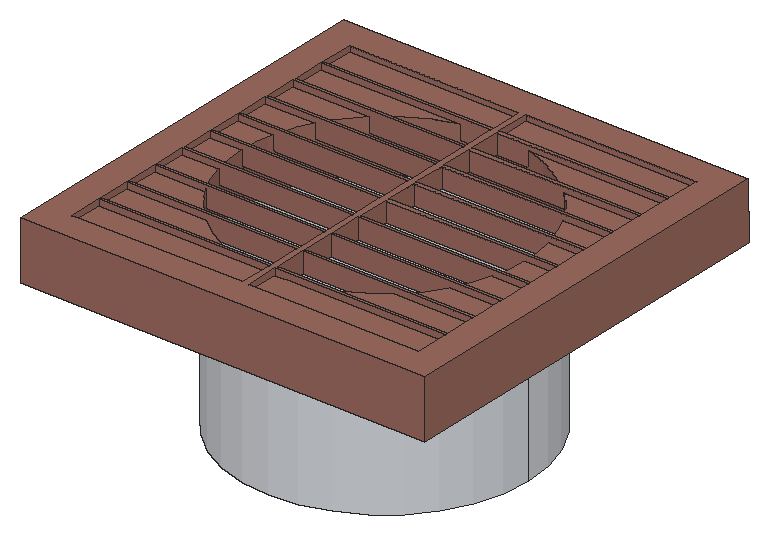
Revit family "9021012", category Air Terminals, host Face, Revit 2023
Family settings
  Host = Face
  Round Connector Dimension = Use Diameter
  Part Type = Normal
  Cut with Voids When Loaded = No
  Shared = No
  Room Calculation Point = No
Parameters (values of type "154 x 154 x 100mm Dia - Black With F/S")
  WorkExecutionLevel = "N/A"
  WeeklyMaintenance = "N/A"
  WarrantyStartDate [instance] = "N/A"
  WarrantyPeriod = "2"
  WarrantyIdentifier = "N/A"
  WarrantyGuarantorParts = "info@airflow.com"
  WarrantyGuarantorLabor = "info@airflow.com"
  WarrantyGuarantor = "Airflow Developments Ltd"
  WarrantyEndDate [instance] = "N/A"
  WarrantyContent = "Replacement of part if faulty"
  Uniclass2015 = "Pr_65_70_46_01"
  TotalSurfaceArea [instance] = 0.0196 m²
  TagNumber [instance] = "N/A"
  Status [instance] = "New"
  Size = "46 x 140 x 140"
  ShippingWeight = 0.012 kg
  Shape = "Rectangular"
  ServiceLifeType = "EXPECTEDSERVICELIFE"
  ServiceLifeDuration = "10"
  SerialNumber [instance] = "N/A"
  ReplacementCost = "6.348"
  QuarterlyMaintenance = "N/A"
  QualityOfComponents = "N/A"
  ProductionYear = "2017"
  ProductLiterature = "N/A"
  PointOfContact = "Airflow Developments Ltd"
  Perimeter [instance] = 560 mm
  OutdoorEnviornment = "N/A"
  OperationAndMaintenanceManual = "N/A"
  NumberOfSlots = 20
  NominalWidth = 140 mm
  NominalLength = 46 mm
  NominalHeight = 140 mm
  NBSCode = "90-75-50/370 Air terminals;"
  MountingType = "SURFACE"
  MonthlyMaintenance = "N/A"
  ModelReference = "90002009"
  ModelLabel = "154 x 154 x 100mm dia. Fixed Grille (Black) with F/S"
  MeanTimeBetweenFailure = "N/A"
  Material = "Plastic"
  ManufacturerWebsite = "www.airflow.com"
  ManufacturerTelephone = "01494 525252"
  ManufacturerE-Mail = "info@airflow.com"
  ManufacturerAddress = "Aidelle House\nLancaster Road\nCressex Business Park\nHigh Wycombe\nBucks\nHP123QP"
  Manufacturer = "Airflow Developments Ltd"
  MaintenanceRequired8001to12000hrs = "N/A"
  MaintenanceRequired601to1000hrs = "N/A"
  MaintenanceRequired4001to8000hrs = "N/A"
  MaintenanceRequired301to600hrs = "N/A"
  MaintenanceRequired2001to4000hrs = "N/A"
  MaintenanceRequired1001to2000hrs = "N/A"
  MaintenanceRequired0to300hrs = "N/A"
  MaintenanceLevel = "N/A"
  IsExtendedWarranty = no
  IndoorEnviornment = "N/A"
  InUseConditions = "N/A"
  ISO90001 = yes
  ISO140001 = yes
  HasThermalInsulation = no
  HasSoundAttenuator = no
  HasIntegralControl = no
  GrossWeight = 0.01 kg
  Grade = "Virgin"
  GlobalTradeItemNumber = "N/A"
  Fly_Screen = yes
  FlowControlType = "NONE"
  Flow [instance] = 0.0 L/s
  Finish = "Matte"
  Features [instance] = "154 x 154 x 100mm dia. Fixed Grille (Black) with F/S"
  FaceType = "LOUVERED"
  External_Grille = CADS_AirFlow_Brown
  Exclusions = "Incorrect Use / Incorrect Installation / Installed by a non-accredited electrician. Customer abuse."
  Dv = D - 2 mm  # 98 mm
  DurationUnit = "Years"
  DesignLevel = "N/A"
  Description = "154 x 154 x 100mm dia. Fixed Grille (Black) with F/S"
  Default Elevation = 1219.2 mm
  DailyMaintenance = "N/A"
  D = 100 mm
  Constituents = "Brown"
  Color = "Brown"
  CodePerformance = "N/A"
  CEApproval = yes
  BespokeTimeFrameMaintenance = "N/A"
  B = 20 mm
  AssetType = "Fixed"
  AssetIdentifier [instance] = "N/A"
  AssemblyPlace = "N/A"
  AnnualMaintenance = "N/A"
  AirflowRateRange = "0-61"
  AccessibilityPerformance = "N/A"
  A = 140 mm
  6MonthlyMaintenance = "Visually inspect system, clean the fan and ducting if necessary"
Types (19, lengths in mm): name | TotalSurfaceArea | Size | ShippingWeight | ReplacementCost | Perimeter | NumberOfSlots | NominalWidth | NominalLength | NominalHeight | ModelReference | ModelLabel | GrossWeight | Fly_Screen | Features | External_Grille | Dv | Description | D | Constituents | Color | A
  (no name) | 0.0196 m² | "46 x 140 x 140" | 0.012 kg | "6.348" | 560 | 20 | 140 | 46 | 140 | "90002009" | "154 x 154 x 100mm dia. Fixed Grille (Black) with F/S" | 0.01 kg | yes | "154 x 154 x 100mm dia. Fixed Grille (Black) with F/S" | CADS_AirFlow_Brown | 98 | "154 x 154 x 100mm dia. Fixed Grille (Black) with F/S" | 100 | "Brown" | "Brown" | 140
  140 x 140 x 100mm Dia - White | 0.0196 m² | "46 x 140 x 140" | 0.012 kg | "4.752" | 560 | 20 | 140 | 46 | 140 | "52641101" | "140 x 140 x 100mm dia. Fixed Grille (White) No F/S" | 0.01 kg | no | "140 x 140 x 100mm dia. Fixed Grille (White) No F/S" | CADS_AirFlow_White | 98 | "140 x 140 x 100mm dia. Fixed Grille (White) No F/S" | 100 | "White" | "White" | 140
  140 x 140 x 100mm Dia -  Grey | 0.0196 m² | "46 x 140 x 140" | 0.012 kg | "4.752" | 560 | 20 | 140 | 46 | 140 | "52641102" | "140 x 140 x 100mm dia. Fixed Grille (Grey) No F/S" | 0.01 kg | no | "140 x 140 x 100mm dia. Fixed Grille (Grey) No F/S" | CADS_AirFlow_Grey | 98 | "140 x 140 x 100mm dia. Fixed Grille (Grey) No F/S" | 100 | "Grey" | "Grey" | 140
  140 x 140 x 100mm Dia - Terracotta | 0.0196 m² | "46 x 140 x 140" | 0.012 kg | "4.752" | 560 | 20 | 140 | 46 | 140 | "52641103" | "140 x 140 x 100mm dia. Fixed Grille (Terracotta) No F/S" | 0.01 kg | no | "140 x 140 x 100mm dia. Fixed Grille (Terracotta) No F/S" | CADS_AirFlow_Terracotta | 98 | "140 x 140 x 100mm dia. Fixed Grille (Terracotta) No F/S" | 100 | "Terracotta" | "Terracotta" | 140
  140 x 140 x 100mm Dia - Brown | 0.0196 m² | "46 x 140 x 140" | 0.012 kg | "4.752" | 560 | 20 | 140 | 46 | 140 | "52641104" | "140 x 140 x 100mm dia. Fixed Grille (Brown) No F/S" | 0.01 kg | no | "140 x 140 x 100mm dia. Fixed Grille (Brown) No F/S" | CADS_AirFlow_Brown | 98 | "140 x 140 x 100mm dia. Fixed Grille (Brown) No F/S" | 100 | "Brown" | "Brown" | 140
  140 x 140 x 100mm Dia - Beige | 0.0196 m² | "46 x 140 x 140" | 0.012 kg | "4.752" | 560 | 20 | 140 | 46 | 140 | "52641105" | "140 x 140 x 100mm dia. Fixed Grille (Beige) No F/S" | 0.01 kg | no | "140 x 140 x 100mm dia. Fixed Grille (Beige) No F/S" | CADS_AirFlow_Beige | 98 | "140 x 140 x 100mm dia. Fixed Grille (Beige) No F/S" | 100 | "Beige" | "Beige" | 140
  140 x 140 x 100mm Dia - Brown With F/S | 0.0196 m² | "46 x 140 x 140" | 0.012 kg | "6.348" | 560 | 20 | 140 | 46 | 140 | "9021012" | "140 x 140 x 100mm dia. Fixed Grille (Brown) with F/S" | 0.01 kg | yes | "140 x 140 x 100mm dia. Fixed Grille (Brown) with F/S" | CADS_AirFlow_Brown | 98 | "140 x 140 x 100mm dia. Fixed Grille (Brown) with F/S" | 100 | "Brown" | "Brown" | 140
  140 x 140 x 100mm Dia - Terracotta With F/S | 0.0196 m² | "47 x 140 x 140" | 0.012 kg | "6.348" | 560 | 20 | 150 | 46 | 150 | "9021082" | "140 x 140 x 100mm dia. Fixed Grille (Terracotta) with F/S" | 0.01 kg | yes | "140 x 140 x 100mm dia. Fixed Grille (Terracotta) with F/S" | CADS_AirFlow_Terracotta | 98 | "140 x 140 x 100mm dia. Fixed Grille (Terracotta) with F/S" | 100 | "Terracotta" | "Terracotta" | 140
  150 x 150 x 100mm Dia - White With F/S | 0.0225 m² | "46 x 150 x 150" | 0.012 kg | "7.944" | 600 | 20 | 140 | 46 | 140 | "9021172" | "150 x 150 x 100mm dia. Fixed Grille (White) with F/S" | 0.01 kg | yes | "150 x 150 x 100mm dia. Fixed Grille (White) with F/S" | CADS_AirFlow_White | 98 | "150 x 150 x 100mm dia. Fixed Grille (White) with F/S" | 100 | "White" | "White" | 150
  160 x 160 x 125mm Dia -Terracotta | 0.0256 m² | "39 x 160 x 160" | 0.012 kg | "6.828" | 640 | 62 | 160 | 39 | 160 | "9041223" | "160 x 160 x 125mm dia. Fixed Grille (Terracotta) No F/S" | 0.01 kg | no | "160 x 160 x 125mm dia. Fixed Grille (Terracotta) No F/S" | CADS_AirFlow_Terracotta | 123 | "160 x 160 x 125mm dia. Fixed Grille (Terracotta) No F/S" | 125 | "Terracotta" | "Terracotta" | 160
  160 x 160 x 125mm Dia - Brown | 0.0256 m² | "39 x 160 x 160" | 0.012 kg | "6.828" | 640 | 20 | 160 | 39 | 160 | "9041222" | "160 x 160 x 125mm dia. Fixed Grille (Brown) No F/S" | 0.01 kg | no | "160 x 160 x 125mm dia. Fixed Grille (Brown) No F/S" | CADS_AirFlow_Brown | 123 | "160 x 160 x 125mm dia. Fixed Grille (Brown) No F/S" | 125 | "Brown" | "Brown" | 160
  160 x 160 x 125mm Dia - White | 0.0256 m² | "39 x 160 x 160" | 0.012 kg | "6.828" | 640 | 20 | 160 | 39 | 160 | "9041221" | "160 x 160 x 125mm dia. Fixed Grille (White) No F/S" | 0.01 kg | no | "160 x 160 x 125mm dia. Fixed Grille (White) No F/S" | CADS_AirFlow_White | 123 | "160 x 160 x 125mm dia. Fixed Grille (White) No F/S" | 125 | "White" | "White" | 160
  180 x 180 x 150mm Dia - White | 0.0324 m² | "48 x 180 x 180" | 0.018 kg | "9.528" | 720 | 20 | 180 | 48 | 180 | "52641106" | "180 x 180 x 150mm dia. Fixed Grille (White)" | 0.015 kg | no | "180 x 180 x 150mm dia. Fixed Grille (White)" | CADS_AirFlow_White | 148 | "180 x 180 x 150mm dia. Fixed Grille (White)" | 150 | "White" | "White" | 175
  180 x 180 x 150mm Dia - Grey | 0.0324 m² | "48 x 180 x 180" | 0.018 kg | "9.528" | 720 | 20 | 180 | 48 | 180 | "52641107" | "180 x 180 x 150mm dia. Fixed Grille (Grey)" | 0.015 kg | no | "180 x 180 x 150mm dia. Fixed Grille (Grey)" | CADS_AirFlow_Grey | 148 | "180 x 180 x 150mm dia. Fixed Grille (Grey)" | 150 | "Grey" | "Grey" | 175
  180 x 180 x 150mm Dia - Terracotta | 0.0324 m² | "48 x 180 x 180" | 0.018 kg | "9.528" | 720 | 20 | 180 | 48 | 180 | "52641108" | "180 x 180 x 150mm dia. Fixed Grille (Terracotta)" | 0.015 kg | no | "180 x 180 x 150mm dia. Fixed Grille (Terracotta)" | CADS_AirFlow_Terracotta | 148 | "180 x 180 x 150mm dia. Fixed Grille (Terracotta)" | 150 | "Terracotta" | "Terracotta" | 175
  180 x 180 x 150mm Dia - Brown | 0.0324 m² | "48 x 180 x 180" | 0.018 kg | "9.528" | 720 | 20 | 180 | 48 | 180 | "52641109" | "180 x 180 x 150mm dia. Fixed Grille (Brown)" | 0.015 kg | no | "180 x 180 x 150mm dia. Fixed Grille (Brown)" | CADS_AirFlow_Brown | 148 | "180 x 180 x 150mm dia. Fixed Grille (Brown)" | 150 | "Brown" | "Brown" | 175
  180 x 180 x 150mm Dia - Beige | 0.0324 m² | "48 x 180 x 180" | 0.018 kg | "9.528" | 720 | 20 | 180 | 48 | 180 | "52641110" | "180 x 180 x 150mm dia. Fixed Grille (Beige)" | 0.015 kg | no | "180 x 180 x 150mm dia. Fixed Grille (Beige)" | CADS_AirFlow_Beige | 148 | "180 x 180 x 150mm dia. Fixed Grille (Beige)" | 150 | "Beige" | "Beige" | 175
  154 x 154 x 100mm Dia - Beige With F/S | 0.0196 m² | "46 x 140 x 140" | 0.012 kg | "6.348" | 560 | 20 | 140 | 46 | 140 | "90002008" | "154 x 154 x 100mm dia. Fixed Grille (Beige) with F/S" | 0.01 kg | yes | "154 x 154 x 100mm dia. Fixed Grille (Beige) with F/S" | CADS_AirFlow_Brown | 98 | "154 x 154 x 100mm dia. Fixed Grille (Beige) with F/S" | 100 | "Brown" | "Brown" | 140
  154 x 154 x 100mm Dia - Black With F/S | 0.0196 m² | "46 x 140 x 140" | 0.012 kg | "6.348" | 560 | 20 | 140 | 46 | 140 | "90002009" | "154 x 154 x 100mm dia. Fixed Grille (Black) with F/S" | 0.01 kg | yes | "154 x 154 x 100mm dia. Fixed Grille (Black) with F/S" | CADS_AirFlow_Brown | 98 | "154 x 154 x 100mm dia. Fixed Grille (Black) with F/S" | 100 | "Brown" | "Brown" | 140
Reference planes
  plane 1 "Center (Front/Back)": y = 0
  plane 2: z = 0
  plane 3 "Center (Left/Right)": x = 0
  plane 4: x = -70
  plane 5: x = 70
  plane 6: y = 70
  plane 7: y = -70
  plane 8: z = 20
  plane 9: z = 18
  plane 10: z = -50
  plane 11: x = -60
  plane 12: x = 60
  plane 13: y = 60
  plane 14: y = -60
  plane 15: y = 48
  plane 16: y = 48.5
  plane 17: y = 47.5
  plane 18: y = 36
  plane 19: y = 36.5
  plane 20: y = 35.5
  plane 21: y = 24
  plane 22: y = 24.5
  plane 23: y = 23.5
  plane 24: y = 12
  plane 25: y = 12.5
  plane 26: y = 11.5
  plane 27: y = -12
  plane 28: y = -11.5
  plane 29: y = -12.5
  plane 30: y = -24
  plane 31: y = -23.5
  plane 32: y = -24.5
  plane 33: y = -36
  plane 34: y = -35.5
  plane 35: y = -36.5
  plane 36: y = -48
  plane 37: y = -47.5
  plane 38: y = -48.5
  plane 39: y = 0.5
  plane 40: y = -0.5
  plane 41: x = -1
  plane 42: x = 1
  plane 43: z = 13
  plane 44: y = 20
  plane 45: y = -20
Forms (mm)
  Extrusion 1, solid, material "CADS_AirFlow_Brown" <- "External_Grille", detail levels medium+fine
    sketch origin (0, 0, 0) x (1, 0, 0) y (0, 1, 0)
      loop
        line (-70, 70) -> (-70, -70) -> (70, -70) -> (70, 70) -> (-70, 70)
    from 0 to 18
  Extrusion 2, solid, material "CADS_AirFlow_Brown" <- "External_Grille", detail levels medium+fine
    sketch origin (0, 0, 0) x (1, 0, 0) y (0, 1, 0)
      loop
        line (-60, 60) -> (-60, -60) -> (60, -60) -> (60, 60) -> (-60, 60)
    from 13 to 20
  Extrusion 3, solid
    sketch origin (0, 0, 0) x (1, 0, 0) y (0, 1, 0)
      loop
        circle (0, 0) r 50
    from -50 to 0
  Extrusion 4, void, detail levels medium+fine
    sketch origin (0, 0, 0) x (1, 0, 0) y (0, 1, 0)
      loop
        circle (0, 0) r 49
    from -50 to 18
  Extrusion 5, void, detail levels medium+fine
    sketch origin (0, 0, 0) x (1, 0, 0) y (0, 1, 0)
      loop
        line (-60, 60) -> (-60, 48.5) -> (-1, 48.5) -> (-1, 60) -> (-60, 60)
      loop
        line (-60, 47.5) -> (-60, 36.5) -> (-1, 36.5) -> (-1, 47.5) -> (-60, 47.5)
      loop
        line (-60, 35.5) -> (-60, 24.5) -> (-1, 24.5) -> (-1, 35.5) -> (-60, 35.5)
      loop
        line (-60, 23.5) -> (-60, 12.5) -> (-1, 12.5) -> (-1, 23.5) -> (-60, 23.5)
      loop
        line (-60, 11.5) -> (-60, 0.5) -> (-1, 0.5) -> (-1, 11.5) -> (-60, 11.5)
      loop
        line (-60, -0.5) -> (-60, -11.5) -> (-1, -11.5) -> (-1, -0.5) -> (-60, -0.5)
      loop
        line (-60, -12.5) -> (-60, -23.5) -> (-1, -23.5) -> (-1, -12.5) -> (-60, -12.5)
      loop
        line (-60, -24.5) -> (-60, -35.5) -> (-1, -35.5) -> (-1, -24.5) -> (-60, -24.5)
      loop
        line (-60, -36.5) -> (-60, -47.5) -> (-1, -47.5) -> (-1, -36.5) -> (-60, -36.5)
      loop
        line (-60, -48.5) -> (-60, -60) -> (-1, -60) -> (-1, -48.5) -> (-60, -48.5)
      loop
        line (1, 60) -> (1, 48.5) -> (60, 48.5) -> (60, 60) -> (1, 60)
      loop
        line (1, 47.5) -> (1, 36.5) -> (60, 36.5) -> (60, 47.5) -> (1, 47.5)
      loop
        line (1, 35.5) -> (1, 24.5) -> (60, 24.5) -> (60, 35.5) -> (1, 35.5)
      loop
        line (1, 23.5) -> (1, 12.5) -> (60, 12.5) -> (60, 23.5) -> (1, 23.5)
      loop
        line (1, 11.5) -> (1, 0.5) -> (60, 0.5) -> (60, 11.5) -> (1, 11.5)
      loop
        line (1, -0.5) -> (1, -11.5) -> (60, -11.5) -> (60, -0.5) -> (1, -0.5)
      loop
        line (1, -12.5) -> (1, -23.5) -> (60, -23.5) -> (60, -12.5) -> (1, -12.5)
      loop
        line (1, -24.5) -> (1, -35.5) -> (60, -35.5) -> (60, -24.5) -> (1, -24.5)
      loop
        line (1, -36.5) -> (1, -47.5) -> (60, -47.5) -> (60, -36.5) -> (1, -36.5)
      loop
        line (1, -48.5) -> (1, -60) -> (60, -60) -> (60, -48.5) -> (1, -48.5)
    from 13 to 20
  Extrusion 6, solid, material "CADS_AirFlow_Brown" <- "External_Grille", detail levels medium+fine
    sketch origin (0, 0, 0) x (1, 0, 0) y (0, 1, 0)
      loop
        line (-70, 70) -> (-70, -70) -> (70, -70) -> (70, 70) -> (-70, 70)
      loop
        line (-60, 60) -> (-60, -60) -> (60, -60) -> (60, 60) -> (-60, 60)
    from 18 to 20
  Extrusion 7, solid, material "CADS_AirFlow_Brown" <- "External_Grille", detail levels coarse
    sketch origin (0, 0, 0) x (1, 0, 0) y (0, 1, 0)
      loop
        line (-70, 70) -> (-70, -70) -> (70, -70) -> (70, 70) -> (-70, 70)
    from 0 to 20
Cuts and joins
  Extrusion 4 cuts Extrusion 3
  Extrusion 4 cuts Extrusion 1
  Extrusion 5 cuts Extrusion 2
  joined: Extrusion 1, Extrusion 2, Extrusion 6
Lines and regions (mm)
  reference lines
    curve 1: line (0, 60, 20) -> (0, 16.447, 25.312)
    curve 2: line (0, 20, 19.837) -> (0, -24.886, 25.312)
    curve 3: line (0, -20, 19.675) -> (0, -66.219, 25.312)
Dimensions and locks
  equal spacing: plane 4, plane 3 "Center (Left/Right)", plane 5
  equal spacing: plane 6, plane 1 "Center (Front/Back)", plane 7
  "A": plane 4 to plane 5
  "A": plane 6 to plane 7
  "B": plane 8 to level
  locked: plane 8 to plane 9 at 2
  locked: level to plane 10 at 50
  locked: plane 6 to plane 13 at 10
  locked: plane 14 to plane 7 at 10
  locked: plane 12 to plane 5 at 10
  locked: plane 4 to plane 11 at 10
  plane 16 to plane 15 to plane 17 = 0.5 mm locked, 0.5 mm locked
  plane 19 to plane 18 to plane 20 = 0.5 mm locked, 0.5 mm locked
  plane 22 to plane 21 to plane 23 = 0.5 mm locked, 0.5 mm locked
  plane 25 to plane 24 to plane 26 = 0.5 mm locked, 0.5 mm locked
  plane 28 to plane 27 to plane 29 = 0.5 mm locked, 0.5 mm locked
  plane 31 to plane 30 to plane 32 = 0.5 mm locked, 0.5 mm locked
  plane 34 to plane 33 to plane 35 = 0.5 mm locked, 0.5 mm locked
  plane 37 to plane 36 to plane 38 = 0.5 mm locked, 0.5 mm locked
  plane 40 to plane 1 "Center (Front/Back)" to plane 39 = 0.5 mm locked, 0.5 mm locked
  plane 41 to plane 3 "Center (Left/Right)" to plane 42 = 1 mm locked, 1 mm locked
  equal spacing: plane 1 "Center (Front/Back)", plane 27, plane 30, plane 33, plane 36, plane 14
  equal spacing: plane 1 "Center (Front/Back)", plane 24, plane 21, plane 18, plane 15, plane 13
  locked: plane 9 to plane 43 at 5
  equal spacing: plane 13, plane 44, plane 45, plane 14
  "D": diameter of Extrusion 3 sketch curve
  "Dv": diameter of Extrusion 4 sketch curve
  aligned and locked: plane 2 to host face
  aligned and locked: level to host face
  aligned and locked: Extrusion 1 sketch curve to plane 6
  aligned and locked: Extrusion 1 sketch curve to plane 5
  aligned and locked: Extrusion 3 to plane 10
  aligned and locked: level to Extrusion 3
  aligned and locked: plane 8 to Extrusion 2
  aligned and locked: Extrusion 1 to level
  aligned and locked: plane 9 to Extrusion 1
  aligned and locked: Extrusion 3 to Extrusion 4
  aligned and locked: plane 9 to Extrusion 4
  aligned and locked: plane 11 to Extrusion 2 sketch curve
  aligned and locked: plane 14 to Extrusion 2 sketch curve
  aligned and locked: Extrusion 2 sketch curve to plane 12
  aligned and locked: Extrusion 2 sketch curve to plane 13
  aligned and locked: plane 11 to Extrusion 5 sketch curve  (x10)
  aligned and locked: Extrusion 5 sketch curve to plane 13  (x2)
  aligned and locked: plane 16 to Extrusion 5 sketch curve  (x2)
  aligned and locked: Extrusion 5 sketch curve to plane 17  (x2)
  aligned and locked: plane 19 to Extrusion 5 sketch curve  (x2)
  aligned and locked: Extrusion 5 sketch curve to plane 20  (x2)
  aligned and locked: plane 22 to Extrusion 5 sketch curve  (x2)
  aligned and locked: Extrusion 5 sketch curve to plane 23  (x2)
  aligned and locked: plane 25 to Extrusion 5 sketch curve  (x2)
  aligned and locked: Extrusion 5 sketch curve to plane 26  (x2)
  aligned and locked: plane 39 to Extrusion 5 sketch curve  (x2)
  aligned and locked: plane 40 to Extrusion 5 sketch curve  (x2)
  aligned and locked: plane 28 to Extrusion 5 sketch curve  (x2)
  aligned and locked: Extrusion 5 sketch curve to plane 29  (x2)
  aligned and locked: plane 31 to Extrusion 5 sketch curve  (x2)
  aligned and locked: Extrusion 5 sketch curve to plane 32  (x2)
  aligned and locked: plane 34 to Extrusion 5 sketch curve  (x2)
  aligned and locked: Extrusion 5 sketch curve to plane 35  (x2)
  aligned and locked: plane 37 to Extrusion 5 sketch curve  (x2)
  aligned and locked: Extrusion 5 sketch curve to plane 38  (x2)
  aligned and locked: plane 14 to Extrusion 5 sketch curve  (x2)
  aligned and locked: Extrusion 5 sketch curve to plane 41  (x10)
  aligned and locked: Extrusion 5 sketch curve to plane 42  (x10)
  aligned and locked: Extrusion 5 sketch curve to plane 12  (x10)
  aligned and locked: plane 8 to Extrusion 5
  aligned and locked: plane 4 to Extrusion 6 sketch curve
  aligned and locked: Extrusion 6 sketch curve to plane 5
  aligned and locked: plane 11 to Extrusion 6 sketch curve
  aligned and locked: plane 14 to Extrusion 6 sketch curve
  aligned and locked: Extrusion 6 to plane 9
  aligned and locked: plane 8 to Extrusion 6
  aligned and locked: Extrusion 2 to plane 43
  aligned and locked: Extrusion 5 to Extrusion 2
  aligned and locked: Extrusion 7 sketch curve to plane 6
  aligned and locked: plane 7 to Extrusion 7 sketch curve
  aligned and locked: plane 8 to Extrusion 7
  aligned and locked: plane 13 to curve 1
  aligned and locked: plane 44 to curve 2
  aligned and locked: plane 45 to curve 3
Automatic sketch dimensions
  host sketch curve to host sketch curve = 2438.4 mm  (x2)
  Extrusion 1 sketch curve to plane 4 = 0 mm
  Extrusion 1 sketch curve to plane 7 = 0 mm
  Extrusion 6 sketch curve to plane 12 = 0 mm
  Extrusion 6 sketch curve to plane 7 = 0 mm
  Extrusion 6 sketch curve to plane 13 = 0 mm
  Extrusion 6 sketch curve to plane 6 = 0 mm
  Extrusion 7 sketch curve to plane 4 = 0 mm
  Extrusion 7 sketch curve to plane 5 = 0 mm
  curve 1 to plane 8 = 0 mm
  curve 2 to plane 32 = 0.386 mm
  plane 7 to curve 3 = 3.781 mm
  curve 1 to plane 44 = 3.553 mm
  curve 2 to plane 8 = 0.163 mm
  curve 3 to plane 8 = 0.325 mm
  plane 8 to curve 2 = 5.312 mm
  plane 8 to curve 3 = 5.312 mm
  plane 8 to curve 1 = 5.312 mm
  plane 1 "Center (Front/Back)" to Extrusion 3 sketch curve = 0 mm
  Extrusion 3 sketch curve to plane 3 "Center (Left/Right)" = 0 mm
  plane 1 "Center (Front/Back)" to Extrusion 4 sketch curve = 0 mm
  Extrusion 4 sketch curve to plane 3 "Center (Left/Right)" = 0 mm
Connectors
  hvac at (0, 0, 0), driven by "D", driven by "Flow"
    settings: on cut or joined group of Extrusion 3, Extrusion 4, index 1, duct flow 0.0 L/s, flow factor 0, pres drop 0.0 Pa, loss coef 0, conn angle 0.00°, conn width 304.8 mm, conn height 304.8 mm, conn diameter 100 mm, duct sys type 4, conn prof type 0, flow config 0, flow direction 2, loss method 0, conn ref index -1, conn util no, is conn primary yes, conn desc ""
